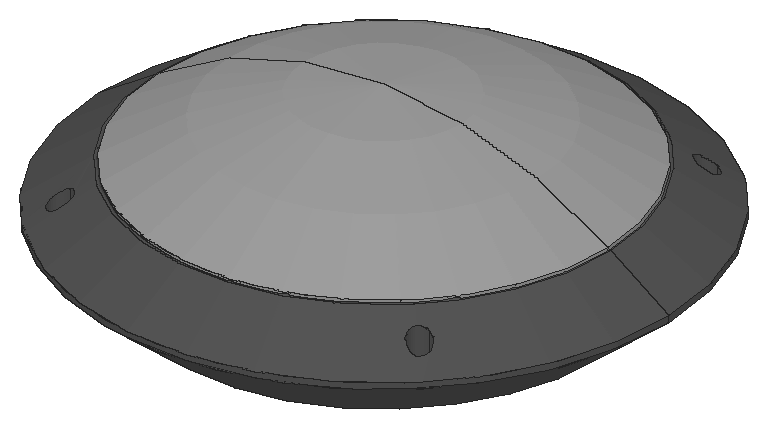
Revit family "49245", category Lighting Fixtures, host Face, Revit 2018
Family settings
  Host = Face
  Round Connector Dimension = Use Diameter
  Part Type = Normal
  OmniClass Number = 23.80.70.00
  OmniClass Title = Lighting
  Cut with Voids When Loaded = No
  Light Source = Yes
  Shared = No
  Room Calculation Point = No
Parameters (values of type "0049245 START SURFACE IP66 1450LM 830 DA WHT")
  Weight = "n/a"
  Wattage Comments = ""
  Wattage = 12 W
  WarrantyStartDate [instance] = "n/a"
  WarrantyGuarantorParts = "n/a"
  WarrantyDurationUnit = "n/a"
  WarrantyDurationParts = ""
  WarrantyDescription = "http://www.sylvania-lighting.com"
  built-in parameter 1150110 = 1 (stored number, unit not read)
  Voltage = 0 V
  URL = "1"
  TypeName = "START SURFACE IP66 1450LM 830 IK10 DALI WHT"
  Type Image = <None>
  Type Comments = "n/a"
  built-in parameter 1114217 = 1 (stored number, unit not read)
  Tilt Angle = -90.00°
  built-in parameter 1150109 = 1 (stored number, unit not read)
  built-in parameter 1150134 = (empty or 0)
  built-in parameter 1150113 = 1 (stored number, unit not read)
  SerialNumber [instance] = "n/a"
  Photometric Web File = "0049245.ies"
  Material_3_SYL = LED-Sylvania-StartSurfaceIP66
  PowerFactor = 0
  PowerConsumption = "Lighting"
  NominalLength = 350 mm
  NominalHeight = 90 mm
  NominalDepth = 300 mm
  Name = "START SURFACE IP66 1450LM 830 IK10 DALI WHT"
  ModelReference = Name  # "START SURFACE IP66 1450LM 830 IK10 DALI WHT"
  ModelNumber = "0049245"
  Model = Name  # "START SURFACE IP66 1450LM 830 IK10 DALI WHT"
  Material = "Feilo Sylvania"
  ManufacturerName = "107 lm/W"
  Manufacturer = ""
  LuminousEfficacy = ""
  built-in parameter 1150105 = 84.034 (stored number, unit not read)
  Lumens = 1056 lm
  LuminaireType = "0"
  built-in parameter 1150115 = 1 (stored number, unit not read)
  LightOutputRatio = "LED"
  built-in parameter 1150137 = (empty or 0)
  built-in parameter 1150139 = (empty or 0)
  LampsType = Lamp  # "n/a"
  LampNominalLuminous = "3000 K"
  LampMacAdamStep = "80"
  LampColourTemperature = "LED"
  LampColourRenderingIndex = "16500"
  built-in parameter 1150112 = 1 (stored number, unit not read)
  built-in parameter 1150114 = 1 (stored number, unit not read)
  Lamp = "n/a"
  Keynote = "n/a"
  InstallationDate [instance] = "n/a"
  InputVoltage = "0"
  InputNominalFrequency = "3000"
  built-in parameter 1150132 = (empty or 0)
  built-in parameter 1150102 = (empty or 0)
  built-in parameter 1150107 = 3000 (stored number, unit not read)
  built-in parameter 1150138 = (empty or 0)
  IngressProtection = "IfcLightFixtureType"
  ImpactProtectionIndex = "IfcLightFixtureType"
  built-in parameter 1150106 = 0.84034 (stored number, unit not read)
  IfcExportType = "IfcLightFixtureType"
  IfcExportAs = "Class II"
  HoleRad_SYL = 134 mm
  HoleHoleRad_SYL = 6 mm
  HoleAngle_SYL = 45.00°
  Eyelid_SYL [instance] = no
  ExpectedLife = 50000
  Emit from Circle Diameter = 200 mm
  Emit Shape Visible in Rendering = no
  ElectricShockClassification = "107"
  built-in parameter 1150104 = 8.1755 (stored number, unit not read)
  DurationUnit = "hours"
  DocumentationLiterature = "http://www.sylvania-lighting.com/product/en-int/products/0049245"
  DimmingControlOptions = "n/a"
  Material_2_SYL = Diffuser-Sylvania-StartSurfaceIP66
  Dimming Lamp Color Temperature Shift = <None>
  Description = "LED exterior surface mounted luminaire, 350mm diameter, 1450lm as max. lumen output, 15W max. power consumption, 97lm/W efficacy, 3000K color temperature, CRI80, IP66, IK10, 60,000 hours (L70), white housing, vandal resistant. DALI and DALI 2 dimming compatibility, supplied with anti-theft screws"
  Default Elevation = 1219.2 mm
  CreatedOn = "21/12/2022"
  CreatedBy = "@sylvania-lighting.com"
  Cost = 0
  Color Filter = 16777215
  built-in parameter 1114216 [instance] = (empty or 0)
  ClassificationValue = "EF_70_80"
  ClassificationName = "Uniclass2015"
  Material_1_SYL = Body-Sylvania-StartSurfaceIP66-Black
  BarCode [instance] = "n/a"
  built-in parameter 1114218 = 1 (stored number, unit not read)
  built-in parameter 1150133 = 10 (stored number, unit not read)
  AssetType = "Fixed"
  AssetIdentifier [instance] = "n/a"
  Assembly Code = "D5020200"
  Apparent Load = 14 VA
Reference planes
  plane 1 "Center (Front/Back)": y = 0
  plane 2: z = 0
  plane 3 "Center (Left/Right)": x = 0
  plane 4: x = 150
  plane 5: x = -150
  plane 6: z = 90
  plane 7: z = 30
  plane 8: z = 54
  plane 9: x = -113
  plane 10: x = 113
  plane 11: x = -118
  plane 12: z = 33
  plane 13: z = 51
  plane 14: z = 87
  plane 15: z = 92
  plane 16: x = -148
  plane 17: y = -13
Forms (mm)
  Revolve 1, solid, material "Diffuser-Sylvania-StartSurfaceIP66" <- "Material_2_SYL"
    sketch origin (0, 0, 0) x (1, 0, 0) y (0, 0, 1)
      loop
        arc (0, 90) -> (-61.685, 80.8) -> (-118, 54) r 211.389
        line (-118, 54) -> (-118, 51) -> (-117.081, 51)
        arc (-117.081, 51) -> (-61.245, 77.797) -> (0, 87) r 208.389
        line (0, 87) -> (0, 90)
      axis (0, 90) -> (0, 51)
    angle from 360 to 0
  Revolve 2, solid, material "Body-Sylvania-StartSurfaceIP66-Black" <- "Material_1_SYL"
    sketch origin (0, 0, 0) x (1, 0, 0) y (0, 0, 1)
      loop
        line (0, 0) -> (0, 33) -> (-118, 33) -> (-118, 52.116)
        arc (-118, 52.116) -> (-118.529, 53.009) -> (-119.566, 52.973) r 1.017
        line (-119.566, 52.973) -> (-150, 33) -> (-150, 30) -> (-113, 0) -> (0, 0)
      axis (0, 52.973) -> (0, 0)
    angle from 360 to 0
  Extrusion 3, void
    sketch origin (-1534.635, -4572, 33) x (0, -1, 0) y (-1, 0, 0)
      loop
        circle (-4666.752, -1439.882) r 6
      loop
        circle (-4666.752, -1629.387) r 6
      loop
        circle (-4477.248, -1439.882) r 6
      loop
        circle (-4477.248, -1629.387) r 6
    from -18 to 0
  Revolve 4, solid, material "Body-Sylvania-StartSurfaceIP66-Black" <- "Material_1_SYL", visible <- "Eyelid_SYL"
    sketch origin (0, 0, 0) x (1, 0, 0) y (0, 0, 1)
      loop
        line (0, 90) -> (0, 92)
        arc (0, 92) -> (-79.423, 77.068) -> (-148, 34.313) r 218.694
        line (-148, 34.313) -> (-118, 54)
        arc (-118, 54) -> (-61.685, 80.8) -> (0, 90) r 211.389
      axis (0, 92) -> (0, 34.313)
    angle from 360 to 0
  Extrusion 5, void
    sketch origin (-1534.635, -4572, 33) x (0, -1, 0) y (-1, 0, 0)
      loop
        line (-4367.393, -1384.635) -> (-4559, -1384.635)
        arc (-4559, -1384.635) -> (-4572, -1534.635) -> (-4559, -1684.635) r 871.885
        line (-4559, -1684.635) -> (-4367.393, -1684.635) -> (-4367.393, -1384.635)
    from -82.978 to 19.568
Cuts and joins
  Extrusion 3 cuts Revolve 2
  Extrusion 3, Extrusion 5 cuts Revolve 4
Lines and regions (mm)
  reference lines
    curve 1: line (-150, 0, 33) -> (-118, 0, 54)
    curve 2: circle (0, 0, 0) r 134 normal (0, 0, 1)
    curve 3: line (0, 0, 0) -> (-94.752, 94.752, 0)
    curve 4: line (0, 0, 0) -> (94.752, 94.752, 0)
    curve 5: line (0, 0, 0) -> (-94.752, -94.752, 0)
    curve 6: line (0, 0, 0) -> (94.752, -94.752, 0)
Dimensions and locks
  locked: plane 6 to plane 2 at 90
  plane 8 to plane 7 to plane 2 = 24 mm locked, 30 mm locked
  equal spacing: plane 4, plane 3 "Center (Left/Right)", plane 5
  locked: plane 4 to plane 5 at 300
  equal spacing: plane 10, plane 3 "Center (Left/Right)", plane 9
  locked: plane 9 to plane 5 at 37
  locked: plane 9 to plane 11 at 5
  locked: plane 12 to plane 7 at 3
  locked: plane 8 to plane 13 at 3
  locked: plane 6 to plane 14 at 3
  locked: plane 15 to plane 6 at 2
  locked: plane 16 to plane 5 at 2
  locked: plane 17 to plane 1 "Center (Front/Back)" at 13
  "HoleRad_SYL": radius of curve 2
  "HoleHoleRad_SYL": radius of Extrusion 3 sketch curve  (x4)
  "HoleAngle_SYL": angle curve 3 to plane 1 "Center (Front/Back)"
  "HoleAngle_SYL": angle plane 1 "Center (Front/Back)" to curve 4
  "HoleAngle_SYL": angle plane 1 "Center (Front/Back)" to curve 5
  "HoleAngle_SYL": angle curve 6 to plane 1 "Center (Front/Back)"
  aligned and locked: plane 2 to host face
  aligned and locked: level to host face
  aligned and locked: plane 5 to curve 1
  aligned and locked: plane 11 to curve 1
  aligned and locked: Revolve 1 sketch curve to plane 3 "Center (Left/Right)"
  aligned and locked: curve 1 to Revolve 1 sketch curve
  aligned and locked: plane 6 to Revolve 1 sketch curve
  aligned and locked: plane 3 "Center (Left/Right)" to Revolve 1 sketch curve  (x2)
  aligned and locked: plane 11 to Revolve 1 sketch curve  (x2)
  aligned and locked: plane 13 to Revolve 1 sketch curve  (x2)
  aligned and locked: plane 14 to Revolve 1 sketch curve
  aligned and locked: Revolve 2 sketch curve to plane 3 "Center (Left/Right)"  (x2)
  aligned and locked: level to Revolve 2 sketch curve
  aligned and locked: plane 5 to Revolve 2 sketch curve
  aligned and locked: Revolve 2 sketch curve to curve 1
  aligned and locked: plane 3 "Center (Left/Right)" to curve 3
  aligned and locked: plane 13 to Extrusion 3
  aligned and locked: Extrusion 3 to plane 12
  aligned and locked: Revolve 2 sketch curve to plane 12
  aligned and locked: Revolve 4 sketch curve to plane 3 "Center (Left/Right)"  (x2)
  aligned and locked: Revolve 1 to Revolve 4 sketch curve
  aligned and locked: Revolve 4 sketch curve to curve 1
  aligned and locked: plane 11 to Revolve 4 sketch curve
  aligned and locked: plane 16 to Revolve 4 sketch curve
  aligned and locked: plane 15 to Revolve 4 sketch curve
  aligned and locked: plane 4 to Extrusion 5
  aligned and locked: Extrusion 5 to plane 5
  aligned and locked: plane 3 "Center (Left/Right)" to imposter light
  aligned and locked: imposter light to plane 1 "Center (Front/Back)"
  aligned and locked: plane 8 to imposter light
Automatic sketch dimensions
  host sketch curve to host sketch curve = 600 mm  (x2)
  curve 1 to plane 8 = 0 mm
  curve 1 to plane 12 = 0 mm
  Revolve 1 sketch curve to Revolve 1 sketch curve = 0 mm
  Revolve 1 sketch curve to Revolve 1 sketch curve = 488.211 mm
  Revolve 1 sketch curve to Revolve 1 sketch curve = 2519.058 mm
  plane 1 "Center (Front/Back)" to curve 2 = 0 mm
  curve 2 to plane 3 "Center (Left/Right)" = 0 mm
  plane 1 "Center (Front/Back)" to curve 4 = 0 mm
  Extrusion 3 sketch curve to plane 10 = 18.248 mm  (x2)
  Extrusion 3 sketch curve to plane 1 "Center (Front/Back)" = 94.752 mm  (x2)
  plane 9 to Extrusion 3 sketch curve = 18.248 mm  (x2)
  plane 1 "Center (Front/Back)" to Extrusion 3 sketch curve = 94.752 mm  (x2)
  Revolve 2 sketch curve to plane 9 = 0 mm
  Revolve 2 sketch curve to plane 7 = 0 mm
  Revolve 2 sketch curve to plane 8 = 1.027 mm
  Revolve 2 sketch curve to Revolve 2 sketch curve = 0.549 mm
  Revolve 2 sketch curve to level = 609.6 mm
  plane 6 to Revolve 2 sketch curve = 2519.058 mm
  Revolve 2 sketch curve to plane 11 = 0 mm
  Revolve 4 sketch curve to plane 6 = 0 mm
  Revolve 4 sketch curve to Revolve 4 sketch curve = 482.906 mm
  Revolve 4 sketch curve to Revolve 4 sketch curve = 2517.058 mm
  Extrusion 5 sketch curve to plane 5 = 0 mm
  Extrusion 5 sketch curve to plane 4 = 0 mm
  plane 17 to Extrusion 5 sketch curve = 191.607 mm
  Extrusion 5 sketch curve to Extrusion 5 sketch curve = 667.277 mm
  plane 17 to Extrusion 5 sketch curve = 0 mm  (x2)
Connectors
  electrical at (0, 0, 0), driven by "Apparent Load", driven by "PowerFactor", driven by "Voltage"
    settings: index 1, voltage 0 V, apparent load 14 VA, apparent load phase1 0 VA, apparent load phase2 0 VA, apparent load phase3 0 VA, power factor 0, load classification "Lighting", number of poles 1, system type 30, power factor state 1, is connector primary yes, connector utility no, sub classification motor no, connector description ""
